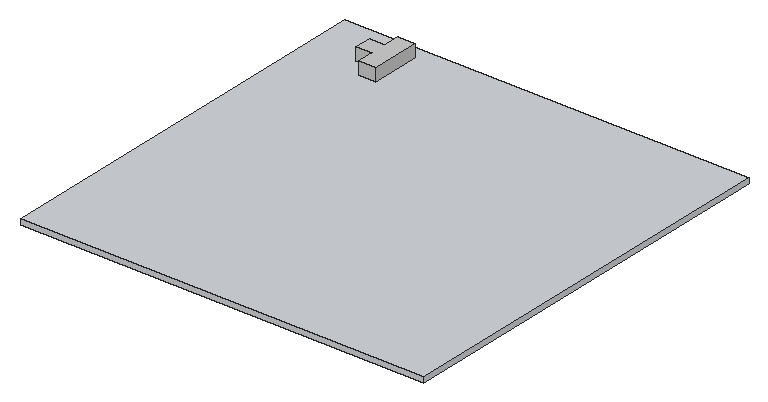
Revit family
Parameters (values of type "T Joiner/Feeder")
  URL = "www.lightingservicesinc.com/product.asp?productID=140"
  Type Comments = ""
  Suspension Length Note = "Distance from mounting surface to bottom of track"
  Suspension Length [instance] = 1' - 6"
  Surface Track Suspension Length Note = "for Surface Track, Suspension Length = 1 7/16\""
  Model Date = "26 March 2010"
  Model = "32X08"
  Mfr. Catalog # = ""
  Manufacturer = "Lighting Services Inc. "
  LSI Track Finish [instance] = LSI Track Finish
  Keynote = "26 55 59"
  Description = "120/250V 2 Ckt T Joiner/Feeder"
  Default Elevation = 4' - 0"
  Assembly Code = "D5020200"
Reference planes (in)
  plane 1 "Center (Front/Back)": y = 0
  plane 2: z = 0
  plane 3 "Center (Left/Right)": x = 0
  plane 4: x = -2.59375
  plane 5: y = 2.5863
  plane 6: y = -2.5863
  plane 7: y = 0.90625
  plane 8: y = -0.90625
  plane 9: x = -0.90625
  plane 10: x = 0.90625
  plane 11: z = 16.6875
  plane 12: z = 18
Forms (in)
  Extrusion 1, solid
    sketch origin (0, 0, 0) x (1, 0, 0) y (0, 1, 0)
      loop
        line (-26.09375, 27.09375) -> (-26.09375, -15.91751) -> (16.59127, -15.91751) -> (16.59127, 27.09375) -> (-26.09375, 27.09375)
    from 0 to -0.5
  Extrusion 2, solid, material "LSI Track Finish" <- "LSI Track Finish", detail levels medium+fine
    sketch origin (0, 0, 0) x (1, 0, 0) y (0, 1, 0)
      loop
        line (-2.59375, 0.90625) -> (-2.59375, -0.90625) -> (-0.90625, -0.90625) -> (-0.90625, -2.5863) -> (0.90625, -2.5863) -> (0.90625, 2.5863) -> (-0.90625, 2.5863) -> (-0.90625, 0.90625) -> (-2.59375, 0.90625)
    from 16.6875 to 18
Dimensions and locks (in)
  locked: plane 12 to plane 11 at 1.3125
  "Suspension Length": plane 12 to plane 2
  equal spacing: plane 7, plane 1 "Center (Front/Back)", plane 8, locked at 0.90625 each
  locked: plane 7 to plane 8 at 1.8125
  equal spacing: plane 9, plane 3 "Center (Left/Right)", plane 10, locked at 0.90625 each
  locked: plane 9 to plane 10 at 1.8125
  equal spacing: plane 5, plane 1 "Center (Front/Back)", plane 6, locked at 2.5863 each
  locked: plane 5 to plane 6 at 5.1726
  aligned and locked: plane 2 to Extrusion 1
  aligned and locked: level to Extrusion 1
  aligned and locked: plane 12 to Extrusion 2
  aligned and locked: Extrusion 2 to plane 11
  aligned and locked: plane 1 "Center (Front/Back)" to nested 1
  aligned and locked: plane 3 "Center (Left/Right)" to nested 1
Automatic sketch dimensions
  Extrusion 1 sketch curve to Extrusion 1 sketch curve = 3' - 6.68502"
  Extrusion 1 sketch curve to Extrusion 1 sketch curve = 3' - 7.01126"
  Extrusion 2 sketch curve to plane 4 = 0' - 0"
  Extrusion 2 sketch curve to plane 6 = 0' - 0"
  Extrusion 2 sketch curve to plane 9 = 0' - 0"  (x2)
  Extrusion 2 sketch curve to plane 5 = 0' - 0"
  Extrusion 2 sketch curve to plane 8 = 0' - 0"
  Extrusion 2 sketch curve to plane 7 = 0' - 0"
  Extrusion 2 sketch curve to plane 10 = 0' - 0"
Nested families (in)
  nested 1: "LSI T Joiner Plan View Symbol" at (63.06131, -9.84847, 0), type "T"
Connectors (in)
  electrical at (-1.75, 0.90625, 17.34375)
    settings: on Extrusion 2, index 1
  electrical at (-1.75, -0.90625, 17.34375)
    settings: on Extrusion 2, index 2
Definition of nested family "LSI T Joiner Plan View Symbol"
  Parameters (values of type "X")
    Assembly Code = ""
  Reference planes (in)
    plane 1 "Center (Front/Back)": y = 9.84847
    plane 2: z = 0
    plane 3 "Center (Left/Right)": x = -63.06131
    plane 4: y = 10.75472
    plane 5: y = 8.94222
    plane 6: x = -63.96756
    plane 7: x = -62.15506
    plane 8: x = -65.65506
    plane 9: y = 12.44222
    plane 10: y = 7.25472
  Lines and regions (in)
    detail lines, in view "Ref. Level"
      curve 1: line (-65.65506, 10.75472, 0) -> (-63.96756, 10.75472, 0)
      curve 2: line (-63.96756, 10.75472, 0) -> (-63.96756, 12.44222, 0)
      curve 3: line (-63.96756, 12.44222, 0) -> (-62.15506, 12.44222, 0)
      curve 4: line (-62.15506, 12.44222, 0) -> (-62.15506, 7.25472, 0)
      curve 5: line (-62.15506, 7.25472, 0) -> (-63.96756, 7.25472, 0)
      curve 6: line (-63.96756, 7.25472, 0) -> (-63.96756, 8.94222, 0)
      curve 7: line (-63.96756, 8.94222, 0) -> (-65.65506, 8.94222, 0)
      curve 8: line (-65.65506, 8.94222, 0) -> (-65.65506, 10.75472, 0)
  Dimensions and locks (in)
    locked: plane 4 to plane 5 at 1.8125
    equal spacing: plane 4, plane 1 "Center (Front/Back)", plane 5
    locked: plane 9 to plane 10 at 5.1875
    equal spacing: plane 6, plane 3 "Center (Left/Right)", plane 7
    locked: plane 6 to plane 7 at 1.8125
    locked: plane 8 to plane 3 "Center (Left/Right)" at 2.59375
    locked: plane 9 to plane 1 "Center (Front/Back)" at 2.59375
    aligned and locked: plane 5 to curve 7
    aligned and locked: plane 6 to curve 2
    aligned and locked: plane 6 to curve 6
    aligned and locked: curve 4 to plane 7
  Automatic sketch dimensions
    curve 1 to plane 8 = 0' - 0"
    curve 3 to plane 9 = 0' - 0"
    curve 5 to plane 10 = 0' - 0"
    curve 1 to plane 4 = 0' - 0"
